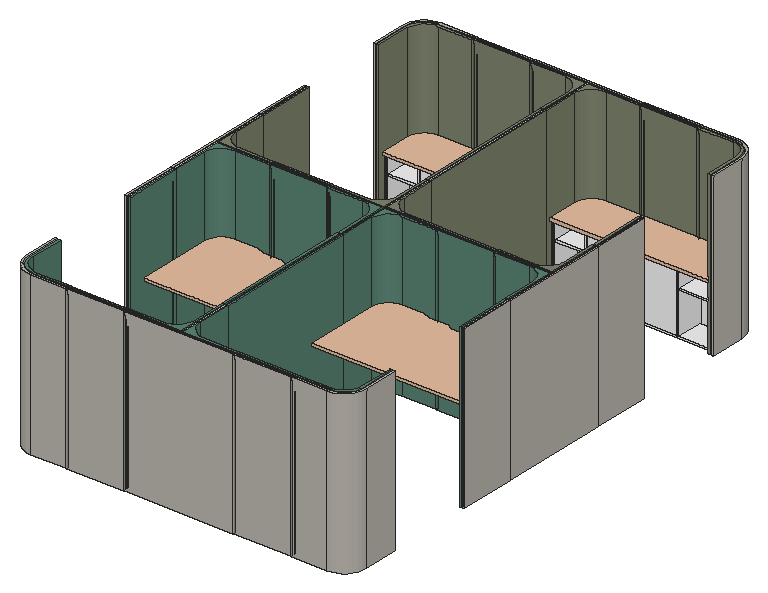
Revit family "NBS_Senator_MeetingPods_QuadAbode", category Furniture, Revit 2018 (continued)
Definition of nested family "NBS_Senator_Storage"
  Definition of nested family "NBS_Senator_StorageUnit_PDASF2"
    Parameters (values of type "NBS_Senator_StorageUnit_PDASF2")
      StorageUnitDepth = 420 mm
      StorageUnitWidth = 1400 mm
      StorageUnitHeight = 560 mm
      StorageUnitDeskTopMaterial = none
      KeyHoleMaterial = none
    Reference planes
      plane 1 "Center (Front/Back)": y = 0
      plane 2: z = 0
      plane 3 "Center (Left/Right)": x = 0
      plane 4 "Back": y = 210
      plane 5 "Front": y = -210
      plane 6 "Left": x = -700
      plane 7 "Right": x = 700
      plane 8 "Top": z = 560
      plane 9: z = 535
    Forms (mm)
      Extrusion 1, solid, material <- "StorageUnitMaterial", detail levels coarse
        sketch origin (0, 0, 0) x (1, 0, 0) y (0, 1, 0)
          loop
            arc (-550, 210) -> (-656.066, 166.066) -> (-700, 60) r 150
            line (-700, 60) -> (-700, -210) -> (700, -210) -> (700, 60)
            arc (700, 60) -> (656.066, 166.066) -> (550, 210) r 150
            line (550, 210) -> (-550, 210)
        from 0 to 535
      Extrusion 2, solid, material <- "StorageUnitDeskTopMaterial"
        sketch origin (0, 0, 0) x (1, 0, 0) y (0, 1, 0)
          loop
            arc (-550, 210) -> (-656.066, 166.066) -> (-700, 60) r 150
            line (-700, 60) -> (-700, -210) -> (700, -210) -> (700, 60)
            arc (700, 60) -> (656.066, 166.066) -> (550, 210) r 150
            line (550, 210) -> (-550, 210)
        from 535 to 560
      Extrusion 3, solid, material <- "StorageUnitMaterial", detail levels medium+fine
        sketch origin (0, 0, 0) x (1, 0, 0) y (0, 0, 1)
          loop
            line (-406.85, 393) -> (-667.027, 393) -> (-667.027, 375) -> (-406.85, 375) -> (-406.85, 393)
          loop
            line (666.983, 393) -> (406.806, 393) -> (406.806, 375) -> (666.983, 375) -> (666.983, 393)
        from -42.048 to 188.834
      Extrusion 4, solid, material <- "StorageUnitMaterial", detail levels medium+fine
        sketch origin (0, 0, 0) x (1, 0, 0) y (0, 1, 0)
          loop
            line (-700, -189.952) -> (700, -189.952) -> (700, 57.213) -> (-700, 57.213) -> (-700, -189.952)
        from 0 to 16
      Extrusion 5, solid, material <- "StorageUnitMaterial", detail levels medium+fine
        sketch origin (0, 0, -165) x (1, 0, 0) y (0, 1, 0)
          loop
            line (-390.85, -173.834) -> (-390.85, -188.834) -> (390.806, -188.834) -> (390.806, -173.834) -> (-390.85, -173.834)
        from 181 to 700
      Extrusion 6, solid, material <- "StorageUnitMaterial", detail levels medium+fine
        sketch origin (0, 0, 0) x (1, 0, 0) y (0, 1, 0)
          loop
            line (-683.027, 42.213) -> (683.095, 42.213) -> (683.095, -189.952) -> (700, -189.952) -> (700, 57.213) -> (-700, 57.213) -> (-700, -189.952) -> (-683.027, -189.952) -> (-683.027, 42.213)
        from 16 to 535
      Extrusion 7, solid, material <- "StorageUnitMaterial"
        sketch origin (0, 0, 0) x (1, 0, 0) y (0, 1, 0)
          loop
            line (-683.027, -189.952) -> (-667.027, -189.952) -> (-667.027, 42.213) -> (-683.027, 42.213) -> (-683.027, -189.952)
          loop
            line (-406.777, -189.952) -> (-390.777, -189.952) -> (-390.777, 42.213) -> (-406.777, 42.213) -> (-406.777, -189.952)
          loop
            line (390.806, -189.952) -> (406.806, -189.952) -> (406.806, 42.213) -> (390.806, 42.213) -> (390.806, -189.952)
          loop
            line (667.056, -189.952) -> (683.056, -189.952) -> (683.056, 42.213) -> (667.056, 42.213) -> (667.056, -189.952)
        from 16 to 535
      Blend 8, solid, material <- "KeyHoleMaterial", detail levels fine
        base sketch origin (0, 0, 0) x (1, 0, 0) y (0, 0, 1)
          loop
            line (-5.774, 510) -> (-11.547, 500) -> (-5.774, 490) -> (5.774, 490) -> (11.547, 500) -> (5.774, 510) -> (-5.774, 510)
        top sketch origin (0, 0, 0) x (1, 0, 0) y (0, 0, 1)
          loop
            line (-3.849, 506.667) -> (-7.698, 500) -> (-3.849, 493.333) -> (3.849, 493.333) -> (7.698, 500) -> (3.849, 506.667) -> (-3.849, 506.667)
        from 188.834 to 193.303
    Dimensions and locks
      equal spacing: plane 6 "Left", plane 3 "Center (Left/Right)", plane 7 "Right"
      "StorageUnitWidth": plane 6 "Left" to plane 7 "Right"
      equal spacing: plane 4 "Back", plane 1 "Center (Front/Back)", plane 5 "Front"
      "StorageUnitDepth": plane 4 "Back" to plane 5 "Front"
      "StorageUnitHeight": plane 8 "Top" to level
      locked: plane 8 "Top" to plane 9 at 25
      aligned and locked: level to plane 2
      aligned and locked: Extrusion 1 sketch curve to plane 4 "Back"
      aligned and locked: plane 5 "Front" to Extrusion 1 sketch curve
      aligned and locked: plane 6 "Left" to Extrusion 1 sketch curve
      aligned and locked: Extrusion 1 sketch curve to plane 7 "Right"
      aligned and locked: plane 9 to Extrusion 1
      aligned and locked: Extrusion 2 sketch curve to plane 4 "Back"
      aligned and locked: plane 5 "Front" to Extrusion 2 sketch curve
      aligned and locked: Extrusion 2 sketch curve to plane 7 "Right"
      aligned and locked: plane 6 "Left" to Extrusion 2 sketch curve
      aligned and locked: plane 8 "Top" to Extrusion 2
      aligned and locked: Extrusion 2 to plane 9
      aligned and locked: plane 6 "Left" to Extrusion 4 sketch curve
      aligned and locked: Extrusion 4 sketch curve to plane 7 "Right"
      aligned and locked: plane 9 to Extrusion 6
      aligned and locked: plane 9 to Extrusion 7
      aligned and locked: Extrusion 7 to Extrusion 5
      aligned and locked: Blend 8 to Extrusion 5
      aligned and locked: Extrusion 4 sketch curve to Extrusion 6
    Automatic sketch dimensions
      Extrusion 1 sketch curve to plane 1 "Center (Front/Back)" = 60 mm
      Extrusion 1 sketch curve to plane 7 "Right" = 150 mm
      Extrusion 2 sketch curve to plane 1 "Center (Front/Back)" = 60 mm
      Extrusion 2 sketch curve to plane 7 "Right" = 150 mm
      plane 6 "Left" to Extrusion 3 sketch curve = 32.973 mm
      Extrusion 3 sketch curve to Extrusion 3 sketch curve = 260.177 mm
      Extrusion 3 sketch curve to plane 7 "Right" = 293.194 mm
      Extrusion 3 sketch curve to plane 7 "Right" = 33.017 mm
      Extrusion 3 sketch curve to plane 9 = 160 mm  (x2)
      Extrusion 3 sketch curve to Extrusion 3 sketch curve = 18 mm  (x2)
      Extrusion 6 sketch curve to plane 6 "Left" = 0 mm
      Extrusion 6 sketch curve to plane 7 "Right" = 0 mm
      plane 6 "Left" to Extrusion 6 sketch curve = 16.973 mm
      Extrusion 6 sketch curve to plane 7 "Right" = 16.905 mm
      plane 5 "Front" to Extrusion 6 sketch curve = 20.048 mm  (x2)
      Extrusion 6 sketch curve to plane 1 "Center (Front/Back)" = 42.213 mm
      Extrusion 6 sketch curve to Extrusion 6 sketch curve = 15 mm
      plane 5 "Front" to Extrusion 5 sketch curve = 36.166 mm
      plane 6 "Left" to Extrusion 5 sketch curve = 309.15 mm
      plane 5 "Front" to Extrusion 5 sketch curve = 21.166 mm
      Extrusion 5 sketch curve to plane 7 "Right" = 309.194 mm
      plane 6 "Left" to Extrusion 7 sketch curve = 16.973 mm
      Extrusion 7 sketch curve to Extrusion 7 sketch curve = 16 mm  (x4)
      plane 5 "Front" to Extrusion 7 sketch curve = 20.048 mm  (x4)
      Extrusion 7 sketch curve to Extrusion 7 sketch curve = 260.25 mm
      Extrusion 7 sketch curve to plane 7 "Right" = 309.194 mm
      Extrusion 7 sketch curve to plane 7 "Right" = 32.944 mm
      Extrusion 7 sketch curve to plane 1 "Center (Front/Back)" = 42.213 mm  (x4)
      plane 5 "Front" to Extrusion 4 sketch curve = 20.048 mm
Types (3, lengths in mm): name | Size | QuadAbodeHeight | NominalWidth | NominalHeight | Name | ModelReference | ModelNumber | Description | BIMObjectName
  (no name) | "4450 x 2950 x 1400 mm" | 1400 | 1400 | 1400 | "MeetingPods_QuadAbode_PDQA14_Senator" | "Pods-QuadAbode_PDQA14" | "PDQA14" | "Four single person workspaces adjoined by shared panels, comprising twentyone mid height upholstered panels" | "NBS_Senator_MeetingPods_QuadAbode_PDQA14"
  PDQA14 | "4450 x 2950 x 1400 mm" | 1400 | 1400 | 1400 | "MeetingPods_QuadAbode_PDQA14_Senator" | "Pods-QuadAbode_PDQA14" | "PDQA14" | "Four single person workspaces adjoined by shared panels, comprising twentyone mid height upholstered panels" | "NBS_Senator_MeetingPods_QuadAbode_PDQA14"
  PDQA18 | "4450 x 2950 x 1800 mm" | 1800 | 1800 | 1800 | "MeetingPods_QuadAbode_PDQA18_Senator" | "Pods-QuadAbode_PDQA18" | "PDQA18" | "Four single person workspaces adjoined by shared panels, comprising twentyone full height upholstered panels" | "NBS_Senator_MeetingPods_QuadAbode_PDQA18"
